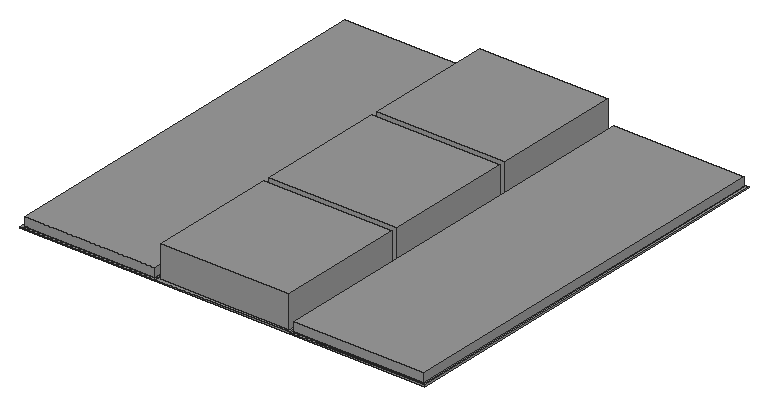
Revit family "63_UN_Recessed_Small Island_Signify", category Lighting Fixtures, Revit 2019
Family settings
  Round Connector Dimension = Use Diameter
  Part Type = Normal
  OmniClass Number = 23.80.70.11.14.11
  OmniClass Title = Downlights
  Work Plane-Based = No
  Always vertical = Yes
  Cut with Voids When Loaded = No
  Light Source = No
  Shared = No
  Room Calculation Point = Yes
Parameters (values of type "NC Skylight W60L60_Day Rhythm_Noon start")
  Wattage Comments = "-"
  Voltage = 230 V
  URL = "https://www.ivlibrary.com/"
  Type Comments = "Small Island"
  Symbol_ToScale [instance] = not(Symbol_RealSize)  # no
  Symbol_RealSize [instance] = yes
  Switch Code [instance] = ""
  Model = "Small Island"
  Manufacturer = "Signify - NatureConnect"
  Luminous Flux (lm) = 2505 lm
  Luminaire Code [instance] = ""
  Lamp = "LED"
  IfcExportType = "USERDEFINED"
  IfcExportAs = "IfcLightFixtureType"
  ISBN Code = "ISBNCODE"
  IP Value = "-"
  IK Value = "-"
  Housing_Material = Laminate, White
  Glass_Material = Glass, SkyColor, High Luminance
  GTIN Code = "GTINCODE"
  ETIM Code = "ETIMCODE"
  Description = "https://www.signify.com/global/innovation/natureconnect"
  Content Creator® = "www.ivlibrary.com"
  Calc_L2_Symbol = 5.98 mm
  Calc_L1_Symbol = 5.98 mm
  Assembly Code = "63.0"
  Apparent Load = 40 VA
Reference planes
  plane 1 "Center (Front/Back)": y = 0
  plane 2: z = 0
  plane 3 "Center (Left/Right)": x = 0
Lines and regions (mm)
  symbolic lines, visible <- "Symbol_RealSize"
    curve 1: line (-896, -898, 0) -> (896, -898, 0)
    curve 2: line (-896, 898, 0) -> (-896, -898, 0)
    curve 3: line (896, 898, 0) -> (-896, 898, 0)
    curve 4: line (896, -898, 0) -> (896, 898, 0)
    curve 5: line (-299, 898, 0) -> (-299, -898, 0)
    curve 6: line (299, -898, 0) -> (299, 898, 0)
    curve 7: line (-299, 299, 0) -> (299, 299, 0)
    curve 8: line (299, -299, 0) -> (-299, -299, 0)
Dimensions and locks
  aligned and locked: level to plane 2
Nested families
  nested 1: "Parametric LED Panel Symbol" at (0, 0, 0), visible <- "Symbol_ToScale", type "Parametric LED Panel Symbol"
    with L2 18 mm, L1 17.9 mm
  nested 2: "63_UN_Recessed_Skylight W60L60_Signify" at (0, 0, 0), type "NC Skylight W60L60_Day Rhythm_Noon start"
    with Symbol_ToScale no, Symbol_RealSize yes, Switch Code "", Luminaire Code "", Glass_Material Glass, SkyColor, High Luminance
  nested 3: "63_UN_Recessed_Skylight W60L60_Signify" at (0, 598, 0), Glass_Material <- "Glass_Material", type "NC Skylight W60L60_Day Rhythm_Noon start"
    with Symbol_ToScale no, Symbol_RealSize yes, Switch Code "", Luminaire Code "", Glass_Material Glass, SkyColor, High Luminance
  nested 4: "63_UN_Recessed_Skylight W60L60_Signify" at (0, -598, 0), type "NC Skylight W60L60_Day Rhythm_Noon start"
    with Symbol_ToScale no, Symbol_RealSize yes, Switch Code "", Luminaire Code "", Glass_Material Glass, SkyColor, High Luminance
  nested 5: "63_UN_Recessed_Daylight W60L180_Signify" at (597.5, 0, 0), type "NC Daylight W60L180_Day Rhythm_Noon start"
    with Symbol_ToScale no, Symbol_RealSize yes, Switch Code "", Luminaire Code ""
  nested 6: "63_UN_Recessed_Daylight W60L180_Signify" at (-597.5, 0, 0), type "NC Daylight W60L180_Day Rhythm_Noon start"
    with Symbol_ToScale no, Symbol_RealSize yes, Switch Code "", Luminaire Code ""
Connectors
  electrical at (0, 0, 0), driven by "Voltage", driven by "Apparent Load"
    settings: index 1, voltage 230 V, apparent load 0 VA, apparent load phase1 40 VA, apparent load phase2 0 VA, apparent load phase3 0 VA, power factor 1, load classification "Lighting", number of poles 1, system type 31, power factor state 1, is connector primary yes, connector utility no, sub classification motor no, connector description ""
Definition of nested family "63_UN_Recessed_Skylight W60L60_Signify"
  Parameters (values of type "NC Skylight W60L60_Day Rhythm_Noon start")
    Wattage Comments = "36.66"
    Wattage = 3.36605 W
    built-in parameter 1150110 = 1 (stored number, unit not read)
    Voltage = 230 V
    URL = "https://www.ivlibrary.com/"
    Type Comments = "W60L60"
    built-in parameter 1114217 = 1 (stored number, unit not read)
    Tilt Angle = 90.00°
    built-in parameter 1150109 = 1 (stored number, unit not read)
    built-in parameter 1150134 = 3
    Symbol_ToScale [instance] = not(Symbol_RealSize)  # no
    Symbol_RealSize [instance] = yes
    Switch Code [instance] = ""
    built-in parameter 1150113 = 1 (stored number, unit not read)
    Photometric Web File = "NCT_IES_skylight W60L60_Day Rhythm_Noon start.ies"
    Model = "Skylight"
    Manufacturer = "Signify - NatureConnect"
    built-in parameter 1150105 = 39.789 (stored number, unit not read)
    Luminous Flux (lm) = 2505 lm
    Lumens = 2505 lm
    built-in parameter 1150115 = 1 (stored number, unit not read)
    Luminaire Code [instance] = ""
    built-in parameter 1150137 = (empty or 0)
    built-in parameter 1150139 = (empty or 0)
    built-in parameter 1150112 = 1 (stored number, unit not read)
    built-in parameter 1150114 = 1 (stored number, unit not read)
    Lamp = "LED"
    L3 = 19 mm
    L2 = 598 mm
    L1 = 598 mm
    built-in parameter 1150132 = 2
    built-in parameter 1150102 = (empty or 0)
    built-in parameter 1150107 = 3200 (stored number, unit not read)
    built-in parameter 1150138 = (empty or 0)
    built-in parameter 1150106 = 0.39789 (stored number, unit not read)
    IfcExportType = "USERDEFINED"
    IfcExportAs = "IfcLightFixtureType"
    ISBN Code = "ISBNCODE"
    IP Value = "-"
    IK Value = "-"
    Housing_Material = none
    H1 = 140 mm
    Glass_Material [instance] = none
    GTIN Code = "GTINCODE"
    Emit from Rectangle Width = L2 - (L3 * 2)  # 560 mm
    Emit from Rectangle Length = L1 - (L3 * 2)  # 560 mm
    Emit Shape Visible in Rendering = no
    built-in parameter 1150104 = 13.8 (stored number, unit not read)
    ETIM Code = "ETIMCODE"
    Dimming Lamp Color Temperature Shift = (empty or 0)
    Description = "https://www.signify.com/global/innovation/natureconnect"
    Content Creator® = "www.ivlibrary.com"
    Color Filter = 16777215
    Calc_L2_Symbol = L2 / 100  # 5.98 mm
    Calc_L1_Symbol = L1 / 100  # 5.98 mm
    built-in parameter 1114218 = 1 (stored number, unit not read)
    built-in parameter 1150133 = 10 (stored number, unit not read)
    Assembly Code = "63.0"
    Apparent Load = 36.66 VA
  Reference planes
    plane 1 "Center (Front/Back)": y = 0
    plane 2: z = 0
    plane 3 "Center (Left/Right)": x = 0
    plane 4: x = -280
    plane 5: x = 280
    plane 6: y = 280
    plane 7: y = -280
    plane 8: x = -299
    plane 9: x = 299
    plane 10: y = -299
    plane 11: y = 299
  Forms (mm)
    Extrusion 1, solid, material <- "Housing_Material"
      sketch origin (0, 0, 0) x (1, 0, 0) y (0, 1, 0)
        loop
          line (-280, 280) -> (-280, -280) -> (280, -280) -> (280, 280) -> (-280, 280)
        loop
          line (285, -285) -> (285, 285) -> (-285, 285) -> (-285, -285) -> (285, -285)
      from 0 to 140 <- "H1"
    Extrusion 2, solid, material <- "Housing_Material"
      sketch origin (0, 0, 0) x (1, 0, 0) y (0, 1, 0)
        loop
          line (-280, 280) -> (-280, -280) -> (280, -280) -> (280, 280) -> (-280, 280)
        loop
          line (-299, -299) -> (299, -299) -> (299, 299) -> (-299, 299) -> (-299, -299)
      from 0 to -5
    Extrusion 3, solid, material <- "Housing_Material"
      sketch origin (0, 0, 0) x (1, 0, 0) y (0, 1, 0)
        loop
          line (285, -285) -> (285, 285) -> (-285, 285) -> (-285, -285) -> (285, -285)
      from 140 to 125.548
    Extrusion 4, solid, material <- "Glass_Material"
      sketch origin (-5, 0, -9.599) x (1, 0, 0) y (0, 1, 0)
        loop
          line (-275, 267.5) -> (-275, -267.5) -> (285, -267.5) -> (285, 267.5) -> (-275, 267.5)
      from 83.334 to 87.599
  Cuts and joins
    joined: Extrusion 1, Extrusion 3
  Lines and regions (mm)
    symbolic lines, visible <- "Symbol_RealSize"
      curve 1: line (-299, -299, 0) -> (299, -299, 0)
      curve 2: line (-299, 299, 0) -> (-299, -299, 0)
      curve 3: line (299, 299, 0) -> (-299, 299, 0)
      curve 4: line (299, -299, 0) -> (299, 299, 0)
  Dimensions and locks
    equal spacing: plane 11, plane 1 "Center (Front/Back)", plane 10
    equal spacing: plane 8, plane 3 "Center (Left/Right)", plane 9
    "L1": plane 8 to plane 9
    "L2": plane 11 to plane 10
    "H1": Extrusion 1 to level
    "L3": plane 8 to plane 4
    "L3": plane 5 to plane 9
    "L3": plane 6 to plane 11
    "L3": plane 7 to plane 10
    aligned and locked: level to plane 2
    aligned and locked: Extrusion 1 sketch curve to plane 6
    aligned and locked: plane 4 to Extrusion 1 sketch curve
    aligned and locked: plane 7 to Extrusion 1 sketch curve
    aligned and locked: plane 5 to Extrusion 1 sketch curve
    aligned and locked: plane 11 to Extrusion 2
    aligned and locked: plane 9 to Extrusion 2
    aligned and locked: plane 10 to Extrusion 2
    aligned and locked: plane 8 to Extrusion 2
    aligned and locked: plane 9 to Extrusion 2 sketch curve
    aligned and locked: plane 10 to Extrusion 2 sketch curve
    aligned and locked: plane 8 to Extrusion 2 sketch curve
    aligned and locked: plane 11 to Extrusion 2 sketch curve
    aligned and locked: plane 5 to Extrusion 2 sketch curve
    aligned and locked: Extrusion 2 sketch curve to plane 6
    aligned and locked: plane 4 to Extrusion 2 sketch curve
    aligned and locked: plane 7 to Extrusion 2 sketch curve
  Automatic sketch dimensions
    curve 3 to plane 8 = 0 mm
    curve 1 to plane 9 = 0 mm
    curve 2 to plane 10 = 0 mm
    plane 11 to curve 2 = 0 mm
    Extrusion 1 sketch curve to plane 4 = 5 mm
    Extrusion 1 sketch curve to plane 7 = 5 mm
    plane 6 to Extrusion 1 sketch curve = 5 mm
    Extrusion 1 sketch curve to plane 5 = 5 mm
    Extrusion 3 sketch curve to plane 5 = 5 mm
    Extrusion 3 sketch curve to plane 7 = 5 mm
    Extrusion 3 sketch curve to plane 4 = 5 mm
    plane 6 to Extrusion 3 sketch curve = 5 mm
    plane 4 to Extrusion 4 sketch curve = 0 mm
    plane 5 to Extrusion 4 sketch curve = 0 mm
    plane 7 to Extrusion 4 sketch curve = 12.5 mm
    Extrusion 4 sketch curve to plane 6 = 12.5 mm
  Nested families
    nested 1: "Parametric LED Panel Symbol" at (0, 0, 0), L1 <- "Calc_L1_Symbol", L2 <- "Calc_L2_Symbol", visible <- "Symbol_ToScale", type "Parametric LED Panel Symbol"
      with L2 5.98 mm, L1 5.98 mm
  Connectors
    electrical at (0, 0, 0), driven by "Voltage", driven by "Apparent Load"
      settings: index 1, voltage 230 V, apparent load 0 VA, apparent load phase1 36.66 VA, apparent load phase2 0 VA, apparent load phase3 0 VA, power factor 1, load classification none, number of poles 1, system type 31, power factor state 1, is connector primary yes, connector utility no, sub classification motor no, connector description ""
  Definition of nested family "Parametric LED Panel Symbol"
    Parameters (values of type "Parametric LED Panel Symbol")
      L2 [instance] = 4.484 mm
      L1 [instance] = 6.437 mm
    Reference planes
      plane 1: y = 0
      plane 2: x = 0
    Lines and regions (mm)
      detail lines
        curve 1: line (-3.219, 2.242, 0) -> (3.219, 2.242, 0)
        curve 2: line (-3.219, -2.242, 0) -> (-3.219, 2.242, 0)
        curve 3: line (3.219, -2.242, 0) -> (-3.219, -2.242, 0)
        curve 4: line (3.219, 2.242, 0) -> (3.219, -2.242, 0)
    Dimensions and locks
      equal spacing: curve 2, plane 2, curve 4
      equal spacing: curve 3, plane 1, curve 1
      "L1": curve 2 to curve 4
      "L2": curve 3 to curve 1
Definition of nested family "63_UN_Recessed_Daylight W60L180_Signify"
  Parameters (values of type "NC Daylight W60L180_Day Rhythm_Noon start")
    Wattage Comments = "66.54"
    Wattage = 3.36605 W
    built-in parameter 1150110 = 1 (stored number, unit not read)
    Voltage = 230 V
    URL = "https://www.ivlibrary.com/"
    Type Comments = "W60L180"
    built-in parameter 1114217 = 1 (stored number, unit not read)
    Tilt Angle = 90.00°
    built-in parameter 1150109 = 1 (stored number, unit not read)
    built-in parameter 1150134 = 3
    Symbol_ToScale [instance] = not(Symbol_RealSize)  # no
    Symbol_RealSize [instance] = yes
    Switch Code [instance] = ""
    built-in parameter 1150113 = 1 (stored number, unit not read)
    Photometric Web File = "NCT_IES_daylight W60L180_Day Rhythm_Noon Start.ies"
    Model = "Daylight"
    Manufacturer = "Signify - NatureConnect"
    built-in parameter 1150105 = 39.789 (stored number, unit not read)
    Luminous Flux (lm) = 6869 lm
    Lumens = 6869 lm
    built-in parameter 1150115 = 1 (stored number, unit not read)
    Luminaire Code [instance] = ""
    built-in parameter 1150137 = (empty or 0)
    built-in parameter 1150139 = (empty or 0)
    built-in parameter 1150112 = 1 (stored number, unit not read)
    built-in parameter 1150114 = 1 (stored number, unit not read)
    Lamp = "LED"
    L3 = 10 mm
    L2 = 1796 mm
    L1 = 597 mm
    built-in parameter 1150132 = 2
    built-in parameter 1150102 = (empty or 0)
    built-in parameter 1150107 = 3200 (stored number, unit not read)
    built-in parameter 1150138 = (empty or 0)
    built-in parameter 1150106 = 0.39789 (stored number, unit not read)
    IfcExportType = "USERDEFINED"
    IfcExportAs = "IfcLightFixtureType"
    ISBN Code = "ISBNCODE"
    IP Value = "-"
    IK Value = "-"
    Housing_Material = none
    H1 = 40 mm
    GTIN Code = "GTINCODE"
    Emit from Rectangle Width = L2 - (L3 * 2)  # 1776 mm
    Emit from Rectangle Length = L1 - (L3 * 2)  # 577 mm
    Emit Shape Visible in Rendering = no
    built-in parameter 1150104 = 13.8 (stored number, unit not read)
    ETIM Code = "ETIMCODE"
    Dimming Lamp Color Temperature Shift = (empty or 0)
    Description = "https://www.signify.com/global/innovation/natureconnect"
    Content Creator® = "www.ivlibrary.com"
    Color Filter = 16777215
    Calc_L2_Symbol = L2 / 100  # 17.96 mm
    Calc_L1_Symbol = L1 / 100  # 5.97 mm
    built-in parameter 1114218 = 1 (stored number, unit not read)
    built-in parameter 1150133 = 10 (stored number, unit not read)
    Assembly Code = "63.0"
    Apparent Load = 66.54 VA
  Reference planes
    plane 1 "Center (Front/Back)": y = 0
    plane 2: z = 0
    plane 3 "Center (Left/Right)": x = 0
    plane 4: x = -288.5
    plane 5: x = 288.5
    plane 6: y = 888
    plane 7: y = -888
    plane 8: x = -298.5
    plane 9: x = 298.5
    plane 10: y = -898
    plane 11: y = 898
  Forms (mm)
    Extrusion 1, solid, material <- "Housing_Material"
      sketch origin (0, 0, 0) x (1, 0, 0) y (0, 1, 0)
        loop
          line (-288.5, 888) -> (-288.5, -888) -> (288.5, -888) -> (288.5, 888) -> (-288.5, 888)
      from 0 to 40 <- "H1"
    Extrusion 2, solid
      sketch origin (0, 0, 0) x (1, 0, 0) y (0, 1, 0)
        loop
          line (-288.5, 888) -> (-288.5, -888) -> (288.5, -888) -> (288.5, 888) -> (-288.5, 888)
      from 0 to -1
    Extrusion 3, solid, material <- "Housing_Material"
      sketch origin (0, 0, 0) x (1, 0, 0) y (0, 1, 0)
        loop
          line (-288.5, 888) -> (-288.5, -888) -> (288.5, -888) -> (288.5, 888) -> (-288.5, 888)
        loop
          line (-298.5, -898) -> (298.5, -898) -> (298.5, 898) -> (-298.5, 898) -> (-298.5, -898)
      from 0 to -5
  Lines and regions (mm)
    symbolic lines, visible <- "Symbol_RealSize"
      curve 1: line (-298.5, -898, 0) -> (298.5, -898, 0)
      curve 2: line (-298.5, 898, 0) -> (-298.5, -898, 0)
      curve 3: line (298.5, 898, 0) -> (-298.5, 898, 0)
      curve 4: line (298.5, -898, 0) -> (298.5, 898, 0)
  Dimensions and locks
    equal spacing: plane 11, plane 1 "Center (Front/Back)", plane 10
    equal spacing: plane 8, plane 3 "Center (Left/Right)", plane 9
    "L1": plane 8 to plane 9
    "L2": plane 11 to plane 10
    "H1": Extrusion 1 to level
    "L3": plane 8 to plane 4
    "L3": plane 5 to plane 9
    "L3": plane 6 to plane 11
    "L3": plane 7 to plane 10
    aligned and locked: level to plane 2
    aligned and locked: Extrusion 1 sketch curve to plane 6
    aligned and locked: plane 4 to Extrusion 1 sketch curve
    aligned and locked: plane 7 to Extrusion 1 sketch curve
    aligned and locked: plane 5 to Extrusion 1 sketch curve
    aligned and locked: Extrusion 2 sketch curve to Extrusion 1  (x4)
    aligned and locked: plane 11 to Extrusion 3
    aligned and locked: plane 9 to Extrusion 3
    aligned and locked: plane 10 to Extrusion 3
    aligned and locked: plane 8 to Extrusion 3
    aligned and locked: plane 9 to Extrusion 3 sketch curve
    aligned and locked: plane 10 to Extrusion 3 sketch curve
    aligned and locked: plane 8 to Extrusion 3 sketch curve
    aligned and locked: plane 11 to Extrusion 3 sketch curve
    aligned and locked: plane 5 to Extrusion 3 sketch curve
    aligned and locked: Extrusion 3 sketch curve to plane 6
    aligned and locked: plane 4 to Extrusion 3 sketch curve
    aligned and locked: plane 7 to Extrusion 3 sketch curve
  Automatic sketch dimensions
    curve 3 to plane 8 = 0 mm
    curve 1 to plane 9 = 0 mm
    curve 2 to plane 10 = 0 mm
    plane 11 to curve 2 = 0 mm
  Nested families
    nested 1: "Parametric LED Panel Symbol" at (0, 0, 0), L1 <- "Calc_L1_Symbol", L2 <- "Calc_L2_Symbol", visible <- "Symbol_ToScale", type "Parametric LED Panel Symbol"
      with L2 17.96 mm, L1 5.97 mm
  Connectors
    electrical at (0, 0, 0), driven by "Voltage", driven by "Apparent Load"
      settings: index 1, voltage 230 V, apparent load 0 VA, apparent load phase1 66.54 VA, apparent load phase2 0 VA, apparent load phase3 0 VA, power factor 1, load classification none, number of poles 1, system type 31, power factor state 1, is connector primary yes, connector utility no, sub classification motor no, connector description ""
  Definition of nested family "Parametric LED Panel Symbol"
    Parameters (values of type "Parametric LED Panel Symbol")
      L2 [instance] = 4.484 mm
      L1 [instance] = 6.437 mm
    Reference planes
      plane 1: y = 0
      plane 2: x = 0
    Lines and regions (mm)
      detail lines
        curve 1: line (-3.219, 2.242, 0) -> (3.219, 2.242, 0)
        curve 2: line (-3.219, -2.242, 0) -> (-3.219, 2.242, 0)
        curve 3: line (3.219, -2.242, 0) -> (-3.219, -2.242, 0)
        curve 4: line (3.219, 2.242, 0) -> (3.219, -2.242, 0)
    Dimensions and locks
      equal spacing: curve 2, plane 2, curve 4
      equal spacing: curve 3, plane 1, curve 1
      "L1": curve 2 to curve 4
      "L2": curve 3 to curve 1
Definition of nested family "Parametric LED Panel Symbol"
  Parameters (values of type "Parametric LED Panel Symbol")
    L2 [instance] = 18 mm
    L1 [instance] = 17.9 mm
  Reference planes
    plane 1: y = 0
    plane 2: x = 0
  Lines and regions (mm)
    detail lines
      curve 1: line (-8.95, 9, 0) -> (8.95, 9, 0)
      curve 2: line (-8.95, -9, 0) -> (-8.95, 9, 0)
      curve 3: line (8.95, -9, 0) -> (-8.95, -9, 0)
      curve 4: line (8.95, 9, 0) -> (8.95, -9, 0)
      curve 5: line (-2.963, 9, 0) -> (-2.963, -9, 0)
      curve 6: line (2.963, 9, 0) -> (2.963, -9, 0)
      curve 7: line (-2.963, 3.013, 0) -> (2.963, 3.013, 0)
      curve 8: line (-2.963, -3.013, 0) -> (2.963, -3.013, 0)
  Dimensions and locks
    equal spacing: curve 2, plane 2, curve 4
    equal spacing: curve 3, plane 1, curve 1
    "L1": curve 2 to curve 4
    "L2": curve 3 to curve 1
  Automatic sketch dimensions
    curve 7 to plane 2 = 2.963 mm
    plane 2 to curve 7 = 2.963 mm
    plane 1 to curve 8 = 3.013 mm
    curve 7 to plane 1 = 3.013 mm
